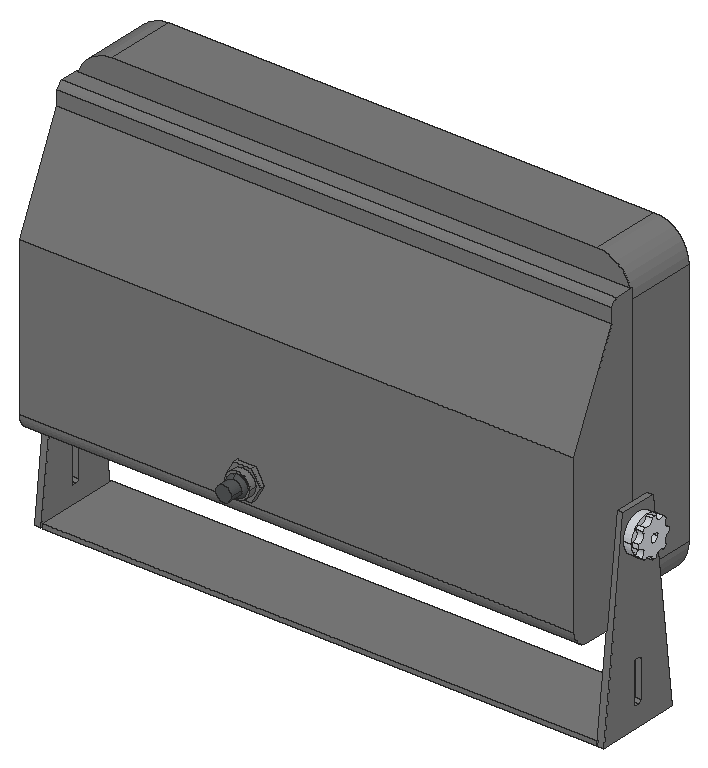
Revit family "WALL WASHER PRO_LV363WW.60", category Luminarias, Revit 2019 (continued)
Parameters (values of type "REFL_LV363WW.60")
        5.00     \r\n 4.89     \r\n5.28     5.73     6.17     6.61     7.06     7.50     7.94     8.39     9.30     10.69    \r\n 12.08    13.47    14.85    16.24    17.63    19.02    20.41    21.80    23.18    24.57    \r\n 25.96    28.28    30.61    32.73    34.66    36.58    38.51    40.43    42.36    44.28    \r\n 46.21    47.39    48.57    49.75    50.94    52.12    53.30    54.48    55.45    56.22    \r\n 56.98    57.37    57.77    57.98    58.02    58.07    57.66    57.25    56.69    55.99    \r\n 55.28    54.20    53.13    51.89    50.47    49.06    47.65    46.24    44.83    43.41    \r\n 42.00    40.08    38.16    36.24    34.31    32.39    30.47    28.54    26.38    23.98    \r\n 21.58    20.32    19.06    17.79    16.53    15.27    14.01    12.75    11.49    10.23    \r\n 8.97     7.70     6.44     5.75     5.63     5.50     5.38     5.25     5.13     5.01     \r\n 4.88     \r\n5.25     5.72     6.18     6.64     7.11     7.57     8.04     8.50     9.47     10.95    \r\n 12.43    13.90    15.38    16.86    18.34    19.82    21.29    22.77    24.25    25.73    \r\n 27.21    29.67    32.13    34.41    36.50    38.58    40.67    42.76    44.85    46.94    \r\n 49.03    50.35    51.68    53.00    54.33    55.65    56.98    58.30    59.37    60.17    \r\n 60.97    61.43    61.89    62.14    62.18    62.22    61.79    61.35    60.74    59.95    \r\n 59.15    57.99    56.83    55.48    53.93    52.39    50.85    49.31    47.77    46.22    \r\n 44.68    42.63    40.57    38.52    36.47    34.41    32.36    30.30    28.00    25.46    \r\n 22.92    21.56    20.20    18.85    17.49    16.13    14.77    13.41    12.06    10.70    \r\n 9.34     7.98     6.63     5.87     5.73     5.59     5.44     5.30     5.15     5.01     \r\n 4.86     \r\n5.29     5.76     6.23     6.70     7.18     7.65     8.12     8.59     9.61     11.19    \r\n 12.76    14.33    15.90    17.47    19.04    20.61    22.18    23.75    25.32    26.89    \r\n 28.46    31.09    33.71    36.16    38.42    40.69    42.96    45.22    47.49    49.75    \r\n 52.02    53.50    54.98    56.46    57.94    59.42    60.90    62.38    63.57    64.47    \r\n 65.37    65.84    66.31    66.58    66.65    66.72    66.20    65.67    64.98    64.13    \r\n 63.27    62.00    60.73    59.26    57.57    55.89    54.21    52.53    50.84    49.16    \r\n 47.48    45.29    43.09    40.90    38.71    36.52    34.33    32.14    29.68    26.96    \r\n 24.24    22.78    21.32    19.86    18.40    16.93    15.47    14.01    12.55    11.09    \r\n 9.63     8.17     6.71     5.91     5.76     5.61     5.47     5.32     5.17     5.02     \r\n 4.88     \r\n5.29     5.78     6.27     6.76     7.25     7.74     8.23     8.72     9.79     11.45    \r\n 13.11    14.77    16.43    18.09    19.75    21.41    23.07    24.73    26.39    28.05    \r\n 29.71    32.47    35.23    37.84    40.31    42.78    45.25    47.72    50.19    52.66    \r\n 55.13    56.79    58.46    60.12    61.79    63.46    65.12    66.79    68.13    69.16    \r\n 70.18    70.69    71.21    71.47    71.48    71.50    70.97    70.45    69.69    68.71    \r\n 67.72    66.36    65.00    63.38    61.51    59.64    57.76    55.89    54.02    52.15    \r\n 50.28    47.95    45.63    43.30    40.98    38.65    36.33    34.00    31.40    28.52    \r\n 25.64    24.07    22.51    20.95    19.38    17.82    16.26    14.69    13.13    11.56    \r\n 10.00    8.44     6.87     6.01     5.85     5.68     5.52     5.36     5.19     5.03     \r\n 4.87     \r\n5.31     5.81     6.31     6.82     7.32     7.83     8.33     8.83     9.96     11.71    \r\n 13.46    15.21    16.97    18.72    20.47    22.22    23.97    25.72    27.47    29.22    \r\n 30.98    33.91    36.84    39.65    42.34    45.03    47.71    50.40    53.09    55.77    \r\n 58.46    60.34    62.23    64.11    65.99    67.88    69.76    71.65    73.14    74.25    \r\n 75.37    75.94    76.52    76.81    76.82    76.82    76.24    75.67    74.84    73.76    \r\n 72.68    71.12    69.57    67.76    65.70    63.63    61.57    59.51    57.45    55.39    \r\n 53.32    50.84    48.35    45.86    43.37    40.89    38.40    35.91    33.15    30.11    \r\n 27.08    25.40    23.73    22.06    20.39    18.72    17.05    15.38    13.70    12.03    \r\n 10.36    8.69     7.02     6.10     5.92     5.75     5.57     5.40     5.23     5.05     \r\n 4.88     \r\n5.32     5.84     6.36     6.88     7.40     7.92     8.44     8.96     10.14    11.98    \r\n 13.82    15.66    17.50    19.35    21.19    23.03    24.87    26.71    28.56    30.40    \r\n 32.24    35.34    38.44    41.46    44.40    47.34    50.28    53.23    56.17    59.11    \r\n 62.05    64.19    66.32    68.46    70.59    72.73    74.86    77.00    78.68    79.90    \r\n 81.13    81.79    82.46    82.76    82.70    82.64    82.02    81.40    80.49    79.30    \r\n 78.10    76.34    74.58    72.56    70.27    67.98    65.69    63.40    61.11    58.83    \r\n 56.54    53.86    51.19    48.51    45.84    43.16    40.49    37.82    34.88    31.70    \r\n 28.51    26.73    24.95    23.17    21.40    19.62    17.84    16.06    14.29    12.51    \r\n 10.73    8.95     7.17     6.19     6.00     5.81     5.62     5.43     5.24     5.05     \r\n 4.86     \r\n5.31     5.84     6.38     6.92     7.45     7.99     8.53     9.06     10.30    12.23    \r\n 14.17    16.10    18.04    19.97    21.90    23.84    25.77    27.71    29.64    31.58    \r\n 33.51    36.77    40.03    43.27    46.49    49.71    52.93    56.15    59.37    62.59    \r\n 65.81    68.24    70.68    73.11    75.55    77.99    80.42    82.86    84.78    86.18    \r\n 87.59    88.34    89.10    89.42    89.32    89.22    88.49    87.77    86.69    85.27    \r\n 83.84    81.94    80.04    77.82    75.27    72.73    70.19    67.64    65.10    62.56    \r\n 60.01    57.13    54.24    51.35    48.47    45.58    42.70    39.81    36.69    33.32    \r\n 29.96    28.08    26.19    24.30    22.41    20.53    18.64    16.75    14.87    12.98    \r\n 11.09    9.21     7.32     6.28     6.07     5.87     5.67     5.47     5.27     5.07     \r\n 4.87     \r\n5.30     5.86     6.41     6.96     7.52     8.07     8.63     9.18     10.47    12.50    \r\n 14.53    16.55    18.58    20.61    22.63    24.66    26.69    28.71    30.74    32.77    \r\n 34.79    38.24    41.68    45.17    48.70    52.23    55.76    59.29    62.82    66.36    \r\n 69.89    72.67    75.46    78.24    81.03    83.81    86.60    89.39    91.61    93.27    \r\n 94.92    95.76    96.60    96.96    96.83    96.70    95.89    95.07    93.84    92.22    \r\n 90.59    88.43    86.27    83.76    80.90    78.04    75.18    72.32    69.46    66.60    \r\n 63.74    60.60    57.46    54.33    51.19    48.05    44.91    41.77    38.46    34.97    \r\n 31.48    29.48    27.48    25.48    23.48    21.48    19.47    17.47    15.47    13.47    \r\n 11.47    9.47     7.46     6.36     6.14     5.93     5.71     5.50     5.29     5.07     \r\n 4.86     \r\n5.30     5.87     6.44     7.01     7.58     8.15     8.72     9.29     10.63    12.75    \r\n 14.87    16.99    19.11    21.23    23.34    25.46    27.58    29.70    31.82    33.94    \r\n 36.06    39.72    43.38    47.15    51.04    54.92    58.81    62.69    66.58    70.47    \r\n 74.35    77.58    80.81    84.04    87.27    90.49    93.72    96.95    99.48    101.31   \r\n 103.14   104.10   105.06   105.47   105.33   105.19   104.18   103.18   101.78   99.98    \r\n 98.18    95.65    93.12    90.24    87.02    83.80    80.58    77.35    74.13    70.91    \r\n 67.69    64.28    60.86    57.45    54.04    50.63    47.22    43.81    40.27    36.60    \r\n 32.94    30.83    28.72    26.61    24.50    22.39    20.28    18.17    16.06    13.96    \r\n 11.85    9.74     7.63     6.46     6.23     6.00     5.78     5.55     5.32     5.09     \r\n 4.86     \r\n5.32     5.90     6.49     7.07     7.66     8.24     8.83     9.41     10.81    13.02    \r\n 15.22    17.43    19.63    21.84    24.05    26.25    28.46    30.66    32.87    35.07    \r\n 37.28    41.16    45.04    49.11    53.39    57.67    61.95    66.23    70.50    74.78    \r\n 79.06    82.79    86.52    90.25    93.98    97.71    101.44   105.17   108.19   110.48   \r\n 112.78   113.84   114.91   115.32   115.07   114.82   113.69   112.55   110.89   108.71   \r\n 106.53   103.71   100.90   97.64    93.95    90.26    86.57    82.88    79.19    75.50    \r\n 71.81    68.12    64.42    60.73    57.04    53.34    49.65    45.96    42.18    38.31    \r\n 34.44    32.22    30.00    27.78    25.56    23.34    21.12    18.90    16.68    14.46    \r\n 12.24    10.02    7.80     6.57     6.32     6.08     5.83     5.59     5.34     5.10     \r\n 4.85     \r\n5.31     5.92     6.52     7.13     7.73     8.34     8.95     9.55     11.01    13.31    \r\n 15.61    17.90    20.20    22.50    24.80    27.10    29.40    31.70    34.00    36.30    \r\n 38.60    42.70    46.80    51.20    55.91    60.61    65.31    70.02    74.72    79.42    \r\n 84.13    88.53    92.93    97.33    101.73   106.13   110.53   114.93   118.40   120.96   \r\n 123.52   124.92   126.33   126.85   126.48   126.12   124.70   123.28   121.35   118.91   \r\n 116.48   113.08   109.69   105.89   101.69   97.48    93.27    89.07    84.86    80.65    \r\n 76.45    72.41    68.37    64.33    60.29    56.25    52.21    48.17    44.09    39.98    \r\n 35.87    33.54    31.22    28.89    26.56    24.24    21.91    19.58    17.25    14.93    \r\n 12.60    10.27    7.95     6.65     6.40     6.14     5.88     5.62     5.37     5.11     \r\n 4.85     \r\n5.33     5.95     6.57     7.19     7.82     8.44     9.06     9.68     11.18    13.58    \r\n 15.98    18.37    20.77    23.16    25.56    27.95    30.35    32.75    35.14    37.54    \r\n 39.93    44.27    48.62    53.38    58.56    63.75    68.93    74.11    79.29    84.48    \r\n 89.66    94.86    100.07   105.27   110.47   115.68   120.88   126.08   130.27   133.45   \r\n 136.62   138.61   140.60   141.22   140.46   139.71   137.92   136.13   133.71   130.67   \r\n 127.64   123.77   119.90   115.52   110.63   105.73   100.84   95.95    91.06    86.16    \r\n 81.27    76.87    72.46    68.06    63.66    59.25    54.85    50.44    46.07    41.72    \r\n 37.36    34.93    32.49    30.05    27.61    25.17    22.73    20.29    17.86    15.42    \r\n 12.98    10.54    8.10     6.75     6.48     6.21     5.94     5.67     5.40     5.13     \r\n 4.86     \r\n5.32     5.96     6.60     7.24     7.88     8.52     9.16     9.81     11.37    13.87    \r\n 16.36    18.86    21.36    23.85    26.35    28.84    31.34    33.83    36.33    38.82    \r\n 41.32    45.89    50.47    55.62    61.34    67.07    72.80    78.53    84.26    89.99    \r\n 95.72    101.93   108.15   114.36   120.57   126.79   133.00   139.22   144.10   147.65   \r\n 151.20   153.19   155.19   156.11   155.94   155.78   154.01   152.25   149.32   145.25   \r\n 141.18   136.53   131.88   126.69   120.97   115.24   109.52   103.79   98.07    92.35    \r\n 86.62    81.79    76.95    72.11    67.28    62.44    57.61    52.77    48.05    43.46    \r\n 38.86    36.31    33.76    31.21    28.66    26.11    23.56    21.02    18.47    15.92    \r\n 13.37    10.82    8.27     6.86     6.57     6.28     6.00     5.71     5.43     5.14     \r\n 4.86     \r\n5.32     5.98     6.64     7.30     7.96     8.62     9.28     9.94     11.57    14.17    \r\n 16.76    19.35    21.95    24.54    27.13    29.73    32.32    34.91    37.51    40.10    \r\n 42.69    47.53    52.36    57.94    64.25    70.56    76.87    83.18    89.49    95.80    \r\n 102.11   109.29   116.47   123.66   130.84   138.03   145.21   152.39   158.54   163.66   \r\n 168.78   171.10   173.42   174.49   174.32   174.14   171.49   168.84   165.31   160.92   \r\n 156.53   151.13   145.72   139.63   132.83   126.04   119.25   112.46   105.67   98.88    \r\n 92.09    86.80    81.52    76.24    70.95    65.67    60.39    55.10    50.04    45.20    \r\n 40.36    37.70    35.04    32.38    29.72    27.06    24.40    21.74    19.08    16.42    \r\n 13.76    11.10    8.44     6.96     6.66     6.35     6.05     5.75     5.45     5.15     \r\n 4.84     \r\n5.31     5.99     6.67     7.35     8.03     8.71     9.39     10.07    11.76    14.45    \r\n 17.15    19.84    22.54    25.23    27.93    30.63    33.32    36.02    38.71    41.41    \r\n 44.10    49.21    54.32    60.37    67.36    74.34    81.33    88.31    95.30    102.29   \r\n 109.27   117.83   126.39   134.95   143.51   152.07   160.64   169.20   176.50   182.54   \r\n 188.58   191.89   195.19   196.90   197.01   197.12   193.61   190.09   185.64   180.26   \r\n 174.88   167.55   160.21   152.66   144.89   137.12   129.35   121.58   113.81   106.04   \r\n 98.27    92.47    86.66    80.86    75.05    69.24    63.44    57.63    52.18    47.08    \r\n 41.99    39.20    36.42    33.64    30.86    28.08    25.29    22.51    19.73    16.95    \r\n 14.17    11.38    8.60     7.05     6.74     6.42     6.11     5.79     5.48     5.16     \r\n 4.85     \r\n5.32     6.02     6.72     7.41     8.11     8.80     9.50     10.20    11.94    14.74    \r\n 17.53    20.33    23.13    25.92    28.72    31.51    34.31    37.11    39.90    42.70    \r\n 45.49    50.90    56.32    62.87    70.57    78.27    85.97    93.66    101.36   109.06   \r\n 116.76   127.04   137.32   147.59   157.87   168.15   178.42   188.70   197.61   205.16   \r\n 212.71   216.89   221.08   223.27   223.48   223.69   219.48   215.28   209.64   202.57   \r\n 195.49   186.84   178.18   169.25   160.05   150.85   141.65   132.45   123.25   114.05   \r\n 104.85   98.47    92.09    85.71    79.33    72.95    66.57    60.19    54.31    48.91    \r\n 43.52    40.62    37.73    34.83    31.94    29.04    26.15    23.25    20.36    17.46    \r\n 14.57    11.67    8.78     7.16     6.83     6.50     6.17     5.84     5.51     5.18     \r\n 4.85     \r\n5.32     6.04     6.75     7.47     8.18     8.90     9.62     10.33    12.14    15.04    \r\n 17.94    20.84    23.74    26.64    29.54    32.44    35.34    38.24    41.14    44.04    \r\n 46.94    52.65    58.36    65.48    74.00    82.52    91.04    99.57    108.09   116.61   \r\n 125.14   137.42   149.71   162.00   174.28   186.57   198.86   211.14   221.96   231.30   \r\n 240.65   246.36   252.07   255.11   255.49   255.86   250.48   245.10   238.12   229.52   \r\n 220.93   209.94   198.96   188.04   177.20   166.36   155.52   144.68   133.84   123.00   \r\n 112.16   105.11   98.06    91.01    83.96    76.91    69.86    62.82    56.46    50.81    \r\n 45.16    42.15    39.13    36.11    33.10    30.08    27.07    24.05    21.04    18.02    \r\n 15.01    11.99    8.97     7.29     6.94     6.59     6.25     5.90     5.55     5.20     \r\n 4.85     \r\n5.33     6.06     6.78     7.51     8.23     8.96     9.69     10.41    12.28    15.29    \r\n 18.30    21.31    24.32    27.33    30.34    33.35    36.36    39.37    42.38    45.39    \r\n 48.40    54.40    60.41    68.14    77.60    87.05    96.51    105.97   115.43   124.89   \r\n 134.35   149.05   163.76   178.47   193.18   207.88   222.59   237.30   251.06   263.89   \r\n 276.71   282.93   289.16   293.24   295.18   297.12   289.58   282.05   272.67   261.45   \r\n 250.24   236.55   222.86   209.61   196.78   183.95   171.12   158.29   145.46   132.63   \r\n 119.80   112.07   104.34   96.61    88.88    81.15    73.42    65.69    58.82    52.81    \r\n 46.81    43.67    40.53    37.39    34.25    31.11    27.98    24.84    21.70    18.56    \r\n 15.42    12.28    9.15     7.39     7.03     6.66     6.30     5.93     5.57     5.20     \r\n 4.84     \r\n5.32     6.06     6.81     7.55     8.30     9.04     9.79     10.53    12.47    15.59    \r\n 18.71    21.83    24.96    28.08    31.20    34.32    37.45    40.57    43.69    46.81    \r\n 49.93    56.25    62.57    70.97    81.46    91.96    102.45   112.94   123.43   133.92   \r\n 144.42   161.92   179.41   196.91   214.41   231.91   249.41   266.90   283.09   297.96   \r\n 312.83   321.95   331.06   336.20   337.35   338.51   330.05   321.58   311.35   299.36   \r\n 287.37   268.97   250.58   233.84   218.77   203.70   188.63   173.56   158.49   143.41   \r\n 128.34   119.80   111.25   102.70   94.15    85.60    77.06    68.51    61.07    54.75    \r\n 48.43    45.17    41.92    38.66    35.40    32.14    28.8
